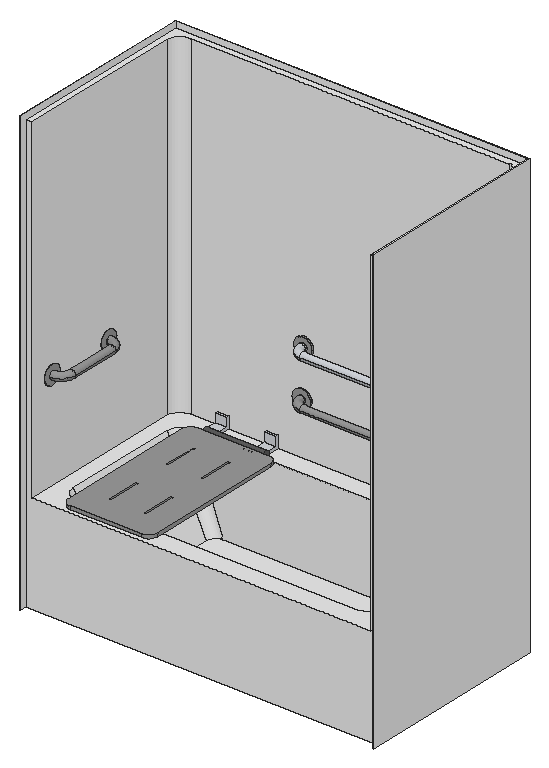
Revit family "RH_STS6032A17_BESTBATH_BATHTUB", category Plumbing Fixtures, Revit 2019
Family settings
  Round Connector Dimension = Use Diameter
  Part Type = Normal
  OmniClass Number = 23.45.05.14.17
  OmniClass Title = Showers
  Work Plane-Based = No
  Always vertical = Yes
  Cut with Voids When Loaded = No
  Shared = No
  Room Calculation Point = No
Parameters (values of type "STS6032A17")
  V_GRAB_BAR_RIGHT_VERT [instance] = yes
  V_GRAB_BAR_LEFT_HOR [instance] = yes
  V_GRAB_BAR_FRONT_HOR_L [instance] = yes
  V_GRAB_BAR_FRONT_HOR [instance] = yes
  V_BATHTUB_SEAT [instance] = yes
  Unit Width = 60"
  Unit Height = 75"
  URL = "http://www.bestbath.com"
  Type Comments = "ADA Compliant"
  Threshold Height = 17"
  Model = "STS6032A17"
  Material [instance] = Best Bath Gelcoat Fiberglass - Smooth
  Manufacturer = "best bath"
  Keynote = ""
  Description = ""
  Assembly Code = "D2010700"
Reference planes (in)
  plane 1 "Back": y = -1
  plane 2: z = 0
  plane 3 "Left": x = 0
  plane 4: x = 60
  plane 5: y = -33
  plane 6: z = 74
  plane 7: z = 75
  plane 8: x = 52
  plane 9: z = 17
  plane 10: y = -17
  plane 11: y = -2.5
  plane 12: x = 10
  plane 13: x = 53.5
  plane 14: y = -5.5
  plane 15: y = -28
  plane 16: y = -5.5
  plane 17: y = -30
  plane 18: x = 3.5
  plane 19: x = 56
  plane 20: z = 26
  plane 21: z = 34
  plane 22: z = 39
  plane 23: y = -34
Forms (in)
  Extrusion 1, solid, material "Best Bath Gelcoat Fiberglass - Smooth"
    sketch origin (0, 0, 0) x (1, 0, 0) y (0, 1, 0)
      loop
        line (58.75, -33) -> (60, -33) -> (60, -1) -> (0, -1) -> (0, -33) -> (1.25, -33) -> (1.25, -4.5)
        arc (1.25, -4.5) -> (1.90901, -2.90901) -> (3.5, -2.25) r 2.25
        line (3.5, -2.25) -> (57.5, -2.25)
        arc (57.5, -2.25) -> (58.38388, -2.61612) -> (58.75, -3.5) r 1.25
        line (58.75, -3.5) -> (58.75, -33)
    from 0 to 74
  Extrusion 2, solid, material "Best Bath Gelcoat Fiberglass - Smooth"
    sketch origin (0, 0, 0) x (1, 0, 0) y (0, 1, 0)
      loop
        line (0, -33) -> (60, -33) -> (60, -1) -> (0, -1) -> (0, -33)
      loop
        circle (52, -17) r 1.5
    from 0 to 17
  Blend 3, void
    base sketch origin (0, 0, 0) x (1, 0, 0) y (0, 1, 0)
      loop
        arc (11.65, -5.5) -> (10.48327, -5.98327) -> (10, -7.15) r 1.65
        line (10, -7.15) -> (10, -25.75)
        arc (10, -25.75) -> (10.65901, -27.34099) -> (12.25, -28) r 2.25
        line (12.25, -28) -> (51.25, -28)
        arc (51.25, -28) -> (52.84099, -27.34099) -> (53.5, -25.75) r 2.25
        line (53.5, -25.75) -> (53.5, -7.15)
        arc (53.5, -7.15) -> (53.01673, -5.98327) -> (51.85, -5.5) r 1.65
        line (51.85, -5.5) -> (11.65, -5.5)
    top sketch origin (0, 0, 0) x (1, 0, 0) y (0, 1, 0)
      loop
        arc (5.75, -5.5) -> (4.15901, -6.15901) -> (3.5, -7.75) r 2.25
        line (3.5, -7.75) -> (3.5, -27.75)
        arc (3.5, -27.75) -> (4.15901, -29.34099) -> (5.75, -30) r 2.25
        line (5.75, -30) -> (53.75, -30)
        arc (53.75, -30) -> (55.34099, -29.34099) -> (56, -27.75) r 2.25
        line (56, -27.75) -> (56, -7.75)
        arc (56, -7.75) -> (55.34099, -6.15901) -> (53.75, -5.5) r 2.25
        line (53.75, -5.5) -> (5.75, -5.5)
    from 2.23617 to 18
  Extrusion 4, solid, material "Best Bath Gelcoat Fiberglass - Smooth"
    sketch origin (0, 0, 0) x (1, 0, 0) y (0, 1, 0)
      loop
        line (0, -34) -> (0.125, -34) -> (0.125, -1.125) -> (59.875, -1.125) -> (59.875, -34) -> (60, -34) -> (60, -1) -> (0, -1) -> (0, -34)
    from 0 to 75
Cuts and joins
  Blend 3 cuts Extrusion 2
  joined: Extrusion 1, Extrusion 2, Extrusion 4
Dimensions and locks (in)
  "Unit Width": plane 3 "Left" to plane 4
  locked: plane 7 to plane 6 at 1
  "Unit Height": plane 7 to level
  plane 3 "Left" to plane 8 to plane 4 = 52", 8"
  locked: plane 13 to plane 4 at 6.5
  locked: plane 15 to plane 5 at 5
  locked: plane 3 "Left" to plane 12 at 10
  Extrusion 1 to plane 14 = 4 1/2"
  locked: plane 16 to plane 1 "Back" at 4.5
  locked: plane 17 to plane 5 at 3
  locked: plane 19 to plane 4 at 4
  locked: plane 3 "Left" to plane 18 at 3.5
  "Threshold Height": plane 9 to level
  plane 20 to plane 9 = 9"
  plane 21 to plane 9 = 17"
  plane 22 to plane 9 = 22"
  locked: plane 5 to plane 23 at 1
  locked: plane 23 to plane 1 "Back" at 33
  locked: plane 11 to plane 1 "Back" at 1.5
  plane 1 "Back" to plane 10 to plane 5 = 16", 16"
  cut or joined group of Extrusion 1, Extrusion 2, Blend 3, Extrusion 4 to cut or joined group of Extrusion 1, Extrusion 2, Blend 3, Extrusion 4 = 30 3/4"
  cut or joined group of Extrusion 1, Extrusion 2, Blend 3, Extrusion 4 to nested 5 = 4 1/2"
  cut or joined group of Extrusion 1, Extrusion 2, Blend 3, Extrusion 4 to nested 5 = 17 1/2"
  cut or joined group of Extrusion 1, Extrusion 2, Blend 3, Extrusion 4 to nested 3 = 9"
  cut or joined group of Extrusion 1, Extrusion 2, Blend 3, Extrusion 4 to nested 1 = 17"  (x3)
  nested 4 to cut or joined group of Extrusion 1, Extrusion 2, Blend 3, Extrusion 4 = 22"  (x2)
  nested 3 to cut or joined group of Extrusion 1, Extrusion 2, Blend 3, Extrusion 4 = 9"
  radius of Blend 3 sketch curve = 1.65"  (x2)
  radius of Blend 3 sketch curve = 2 1/4"  (x2)
  aligned and locked: level to plane 2
  aligned and locked: plane 6 to Extrusion 1
  aligned and locked: Extrusion 2 sketch curve to Extrusion 1  (x3)
  aligned and locked: Extrusion 2 sketch curve to plane 1 "Back"
  aligned and locked: plane 10 to Extrusion 2 sketch curve
  aligned and locked: plane 15 to Blend 3 sketch curve
  aligned and locked: Blend 3 sketch curve to plane 14
  aligned and locked: Blend 3 sketch curve to plane 13
  aligned and locked: plane 12 to Blend 3 sketch curve
  aligned and locked: plane 18 to Blend 3 sketch curve
  aligned and locked: Blend 3 sketch curve to plane 19
  aligned and locked: plane 17 to Blend 3 sketch curve
  aligned and locked: Blend 3 sketch curve to plane 16
  aligned and locked: plane 9 to cut or joined group of Extrusion 1, Extrusion 2, Blend 3, Extrusion 4
  aligned and locked: nested 1 to plane 21
  aligned and locked: plane 20 to nested 3
  aligned and locked: plane 22 to nested 4
  aligned and locked: plane 7 to Extrusion 4
Automatic sketch dimensions
  plane 18 to Blend 3 sketch curve = 2 1/4"  (x2)
  plane 17 to Blend 3 sketch curve = 2 1/4"
  Blend 3 sketch curve to plane 19 = 2 1/4"
  Extrusion 4 sketch curve to plane 3 "Left" = 0"
  Extrusion 4 sketch curve to plane 23 = 0"  (x2)
  Extrusion 4 sketch curve to plane 4 = 0"
  plane 3 "Left" to Extrusion 4 sketch curve = 1/8"
  Extrusion 4 sketch curve to Extrusion 4 sketch curve = 1/8"
  plane 1 "Back" to Extrusion 4 sketch curve = 1/8"
  plane 1 "Back" to Extrusion 4 sketch curve = 0"
  Extrusion 2 sketch curve to plane 8 = 0"
  Extrusion 1 sketch curve to plane 3 "Left" = 0"
  Extrusion 1 sketch curve to plane 5 = 0"  (x2)
  plane 11 to Extrusion 1 sketch curve = 1/4"
  Extrusion 1 sketch curve to plane 4 = 0"
  plane 1 "Back" to Extrusion 1 sketch curve = 0"
  plane 3 "Left" to Extrusion 1 sketch curve = 1 1/4"
  Extrusion 1 sketch curve to Extrusion 1 sketch curve = 2 1/4"
  plane 4 to Extrusion 1 sketch curve = 2 1/2"
  Extrusion 1 sketch curve to Extrusion 1 sketch curve = 1 1/4"
  radius of Extrusion 2 sketch curve = 1 1/2"
Nested families (in)
  nested 1: "Grab Bar - L shape" at (58.75, -2.25, -2.97512) x (-1, 0, 0) z (0, 0, 1), visible <- "V_GRAB_BAR_FRONT_HOR_L", type "27" x 36" x 1.25""
    with Double Anchor Bar Length 36"
  nested 2: "Grab Bar - horiz" at (1.25, -29, -0.625) x (0, 1, 0) z (0, 0, 1), visible <- "V_GRAB_BAR_LEFT_HOR", type "12" x 1.25""
  nested 3: "Grab Bar - horiz" at (22.5, -2.25, -8.625), visible <- "V_GRAB_BAR_FRONT_HOR", type "24" x 1.25""
    with Grab Bar Size 24"
  nested 4: "Grab Bar - vertical" at (58.75, -29, -0.625) x (0, -1, 0) z (0, 0, 1), visible <- "V_GRAB_BAR_RIGHT_VERT", type "18" x 1.25""
  nested 5: "ADA Shower Seat" at (23, -18.80262, -1.125) x (0, -1, 0) z (0, 0, 1), visible <- "V_BATHTUB_SEAT", type "SE3015PHSO"
Connectors (in)
  piping at (52, -17, 0), diameter 3
    settings: on cut or joined group of Extrusion 1, Extrusion 2, Blend 3, Extrusion 4, index 2, connector inside diameter 24", connector length 0", flow factor 0, pipe flow 0 GPM, pressure drop 0.00 psi, fitting loss kfactor 0, connector angle 0.00°, fixture units 0, engagement length 0", angle of deflection 0.00°, flow configuration 0, flow direction 0, fitting loss method 0, system type 16, joint type 0, gender type 0, connector reference index -1, connector utility 0, adjustable connector no, is connector primary yes, connector description ""
Definition of nested family "Grab Bar - L shape"
  Parameters
    Single Anchor Bar Length = 27"
    Mounting Height = 39"
    URL = "http://seachrome.com/"
    Threshold Height = 2.02488"
    Model = "GB2748QSS"
    Manufacturer = "Seachrome Corp."
    Keynote = "10 28 00.C1"
    Double Anchor Bar Length = 48"
    Description = "27\" x 48\" x 1.25\" L Grab Bar"
    Assembly Code = "C1030200"
  Reference planes (in)
    plane 1 "Center (Front/Back)": y = 0
    plane 2: z = 0
    plane 3 "Center (Left/Right)": x = 0
    plane 4: z = 36.97512
    plane 5: z = -2.02488
    plane 6: y = -2.125
    plane 7: x = 2.125
    plane 8: x = 6
    plane 9: x = 48
    plane 10: y = -27
  Forms (in)
    Extrusion 1, solid
      sketch origin (0, 0, 0) x (1, 0, 0) y (0, 0, 1)
        loop
          circle (6, 36.97512) r 1.5625
        loop
          circle (48, 36.97512) r 1.5625
      from 0 to 0.25
    Extrusion 2, solid
      sketch origin (0, 0, 0) x (0, 1, 0) y (0, 0, 1)
        loop
          circle (-27, 36.97512) r 1.5
      from 0 to 0.25
    Sweep 3, solid
      path origin (0, 0, 0) x (1, 0, 0) y (0, 1, 0)
        loop
          line (0.25, -27) -> (0.625, -27)
          arc (0.625, -27) -> (1.68566, -26.56066) -> (2.125, -25.5) r 1.5
          line (2.125, -25.5) -> (2.125, -3.625)
          arc (2.125, -3.625) -> (2.56434, -2.56434) -> (3.625, -2.125) r 1.5
          line (3.625, -2.125) -> (46.5, -2.125)
          arc (46.5, -2.125) -> (47.56066, -1.68566) -> (48, -0.625) r 1.5
          line (48, -0.625) -> (48, -0.25)
      profile origin (0.4375, -27, 0) x (0, 1, 0) y (0, 0, 1)
        loop
          circle (0, 36.98831) r 0.625
    Sweep 4, solid
      path origin (0, 0, 0) x (1, 0, 0) y (0, 1, 0)
        loop
          line (6, -0.25) -> (6, -2.125)
      profile origin (6, -1.1875, 0) x (1, 0, 0) y (0, 0, 1)
        loop
          circle (0, 36.98831) r 0.62
  Dimensions and locks (in)
    "Threshold Height": level to plane 5
    "Mounting Height": plane 4 to plane 5
    locked: plane 3 "Center (Left/Right)" to plane 7 at 2.125
    locked: plane 3 "Center (Left/Right)" to plane 8 at 6
    locked: plane 6 to plane 1 "Center (Front/Back)" at 2.125
    "Double Anchor Bar Length": plane 3 "Center (Left/Right)" to plane 9
    "Single Anchor Bar Length": plane 10 to plane 1 "Center (Front/Back)"
    plane 4 to plane 5 = 39"
    level to plane 5 = 2.02488"
    aligned and locked: level to plane 2
    aligned and locked: plane 8 to Extrusion 1 sketch curve
    aligned and locked: plane 4 to Extrusion 1 sketch curve
    aligned and locked: plane 9 to Extrusion 1 sketch curve
    aligned and locked: plane 10 to Extrusion 2 sketch curve
    aligned and locked: plane 4 to Extrusion 2 sketch curve
  Automatic sketch dimensions
    Extrusion 1 sketch curve to plane 4 = 0"
    Sweep 3 sketch curve to plane 10 = 0"
    Sweep 3 sketch curve to plane 7 = 0"
    Sweep 3 sketch curve to plane 6 = 0"
    Sweep 3 sketch curve to plane 9 = 0"
    plane 3 "Center (Left/Right)" to Sweep 3 sketch curve = 5/8"
    Sweep 3 sketch curve to plane 6 = 1 1/2"
    plane 1 "Center (Front/Back)" to Sweep 3 sketch curve = 5/8"
    plane 3 "Center (Left/Right)" to Sweep 3 sketch curve = 1/4"
    plane 1 "Center (Front/Back)" to Sweep 3 sketch curve = 1/4"
    Sweep 3 sketch curve to profile plane = 0"
    level to Sweep 3 sketch curve = 36.98831"
    Sweep 4 sketch curve to plane 6 = 0"
    Sweep 4 sketch curve to plane 8 = 0"
    plane 1 "Center (Front/Back)" to Sweep 4 sketch curve = 1/4"
    profile plane to Sweep 4 sketch curve = 0"
    level to Sweep 4 sketch curve = 36.98831"
    radius of Extrusion 1 sketch curve = 1 9/16"  (x2)
    radius of Extrusion 2 sketch curve = 1 1/2"
    radius of Sweep 3 sketch curve = 5/8"
    radius of Sweep 4 sketch curve = 0.62"
Definition of nested family "Grab Bar - horiz"
  Parameters
    Grab Bar Size = 12"
    URL = "http://seachrome.com/"
    Threshold Height = 5/8"
    Mounting Height = 34"
    Model = "GB12QSS"
    Manufacturer = "Seachrome Corp."
    Keynote = "10 28 00.C1"
    Description = "18\" x 1.25\" grab bar"
    Assembly Code = "C1030200"
  Reference planes (in)
    plane 1 "Center (Front/Back)": y = 0
    plane 2: z = 0
    plane 3 "Center (Left/Right)": x = 0
    plane 4: z = 34.625
    plane 5: z = 0.625
    plane 6: x = 12
  Forms (in)
    Extrusion 1, solid
      sketch origin (0, 0, 0) x (1, 0, 0) y (0, 0, 1)
        loop
          circle (0, 34.625) r 1.5625
        loop
          circle (12, 34.625) r 1.5625
      from 0 to 0.25
    Sweep 2, solid
      path origin (0, 0, 0) x (1, 0, 0) y (0, 1, 0)
        loop
          line (0, -0.25) -> (0, -0.375)
          arc (0, -0.375) -> (0.51256, -1.61244) -> (1.75, -2.125) r 1.75
          line (1.75, -2.125) -> (10.25, -2.125)
          arc (10.25, -2.125) -> (11.48744, -1.61244) -> (12, -0.375) r 1.75
          line (12, -0.375) -> (12, -0.25)
      profile origin (6, -2.125, 0) x (0, 1, 0) y (0, 0, 1)
        loop
          circle (0, 34.625) r 0.625
  Dimensions and locks (in)
    "Threshold Height": plane 5 to level
    "Mounting Height": plane 4 to plane 5
    "Grab Bar Size": plane 6 to plane 3 "Center (Left/Right)"
    Sweep 2 sketch curve to plane 1 "Center (Front/Back)" = 2 1/8"
    aligned and locked: level to plane 2
  Automatic sketch dimensions
    Extrusion 1 sketch curve to plane 3 "Center (Left/Right)" = 0"
    Extrusion 1 sketch curve to plane 4 = 0"  (x2)
    Extrusion 1 sketch curve to plane 6 = 0"
    Sweep 2 sketch curve to plane 3 "Center (Left/Right)" = 0"
    plane 1 "Center (Front/Back)" to Sweep 2 sketch curve = 3/8"
    Sweep 2 sketch curve to plane 6 = 0"
    Sweep 2 sketch curve to plane 6 = 1 3/4"
    Sweep 2 sketch curve to Sweep 2 sketch curve = 1/8"  (x2)
    Sweep 2 sketch curve to profile plane = 0"
    level to Sweep 2 sketch curve = 34 5/8"
    radius of Extrusion 1 sketch curve = 1 9/16"  (x2)
    radius of Sweep 2 sketch curve = 5/8"
Definition of nested family "Grab Bar - vertical"
  Parameters
    Wall Clearance = 2 1/8"
    Mounting Height = 39"
    Grab Bar Size = 18"
    URL = "http://seachrome.com/"
    Threshold Height = 5/8"
    Model = "GB18QSS"
    Manufacturer = "Seachrome Corp."
    Keynote = "10 28 00.C1"
    Description = "18\" x 1.25\" grab bar"
    Assembly Code = "C1030200"
  Reference planes (in)
    plane 1 "Center (Front/Back)": y = 0
    plane 2: z = 0
    plane 3 "Center (Left/Right)": x = 0
    plane 4: z = 39.625
    plane 5: z = 57.625
    plane 6: z = 0.625
  Forms (in)
    Sweep 1, solid
      path origin (0, 0, 0) x (0, 1, 0) y (0, 0, 1)
        loop
          line (-0.25, 39.625) -> (-0.375, 39.625)
          arc (-0.375, 39.625) -> (-1.61244, 40.13756) -> (-2.125, 41.375) r 1.75
          line (-2.125, 41.375) -> (-2.125, 55.875)
          arc (-2.125, 55.875) -> (-1.61244, 57.11244) -> (-0.375, 57.625) r 1.75
          line (-0.375, 57.625) -> (-0.25, 57.625)
      profile origin (0, -0.3125, 39.625) x (0, 0, -1) y (1, 0, 0)
        loop
          circle (0, 0) r 0.625
    Extrusion 2, solid
      sketch origin (0, 0, 0) x (1, 0, 0) y (0, 0, 1)
        loop
          circle (0, 39.625) r 1.5625
        loop
          circle (0, 57.625) r 1.5625
      from 0 to 0.25
  Dimensions and locks (in)
    "Grab Bar Size": plane 5 to plane 4
    Extrusion 2 to Sweep 1 sketch curve = 1 7/8"
    "Threshold Height": plane 6 to level
    "Mounting Height": plane 4 to plane 6
    aligned and locked: level to plane 2
    aligned and locked: plane 5 to Sweep 1 sketch curve
    aligned and locked: Sweep 1 sketch curve to plane 4
  Automatic sketch dimensions
    Sweep 1 sketch curve to plane 3 "Center (Left/Right)" = 0"
    Sweep 1 sketch curve to profile plane = 0"
    Extrusion 2 sketch curve to plane 3 "Center (Left/Right)" = 0"  (x2)
    Extrusion 2 sketch curve to plane 4 = 0"
    Extrusion 2 sketch curve to plane 5 = 0"
    Sweep 1 sketch curve to plane 5 = 1 3/4"
    plane 1 "Center (Front/Back)" to Sweep 1 sketch curve = 1/4"
    Sweep 1 sketch curve to Sweep 1 sketch curve = 1/8"
    Sweep 1 sketch curve to plane 5 = 0"
    plane 4 to Sweep 1 sketch curve = 1 3/4"
    radius of Sweep 1 sketch curve = 5/8"
    radius of Extrusion 2 sketch curve = 1 9/16"  (x2)
Definition of nested family "ADA Shower Seat"
  Parameters
    URL = "http://seachrome.com/"
    Seat Width = 27"
    Seat Height = 18"
    Seat Depth = 15"
    Model = "SE3015PHSO"
    Manufacturer = "Seachrome"
    Keynote = "22 40 00.B7"
    Description = "32\" x 16\" fold down seat with swing-down legs, phenolic"
    Assembly Code = "C1030200"
  Reference planes (in)
    plane 1 "Center (Front/Back)": y = 0
    plane 2: z = 0
    plane 3 "Center (Left/Right)": x = 0
    plane 4: x = 13.5
    plane 5: x = -13.5
    plane 6: y = -2.25
    plane 7: y = -17.25
    plane 8: z = 18.125
    plane 9: z = 18.625
    plane 10: y = -9.75
    plane 11: x = 12.5
    plane 12: x = -12.5
    plane 13: z = 3.125
    plane 14: x = -8.75
    plane 15: x = 8.75
    plane 16: z = 14.875
    plane 17: y = -14.875
    plane 18: y = -4.625
    plane 19: z = 0.625
    plane 20: x = -3.25
    plane 21: x = 3.25
  Forms (in)
    Extrusion 1, solid
      sketch origin (0, 0, 0) x (1, 0, 0) y (0, 1, 0)
        loop
          line (12, -2.25) -> (-12, -2.25)
          arc (-12, -2.25) -> (-13.06066, -2.68934) -> (-13.5, -3.75) r 1.5
          line (-13.5, -3.75) -> (-13.5, -15.75)
          arc (-13.5, -15.75) -> (-13.06066, -16.81066) -> (-12, -17.25) r 1.5
          line (-12, -17.25) -> (12, -17.25)
          arc (12, -17.25) -> (13.06066, -16.81066) -> (13.5, -15.75) r 1.5
          line (13.5, -15.75) -> (13.5, -3.75)
          arc (13.5, -3.75) -> (13.06066, -2.68934) -> (12, -2.25) r 1.5
        loop
          line (3.25, -12.5968) -> (3.25, -12.92762) -> (8.75, -12.92762) -> (8.75, -12.5968) -> (3.25, -12.5968)
        loop
          line (-3.25, -12.5968) -> (-8.75, -12.5968) -> (-8.75, -12.92762) -> (-3.25, -12.92762) -> (-3.25, -12.5968)
        loop
          line (3.25, -6.93984) -> (8.75, -6.93984) -> (8.75, -6.60902) -> (3.25, -6.60902) -> (3.25, -6.93984)
        loop
          line (-3.25, -6.93984) -> (-3.25, -6.60902) -> (-8.75, -6.60902) -> (-8.75, -6.93984) -> (-3.25, -6.93984)
      from 18.125 to 18.625
    Extrusion 2, solid
      sketch origin (0, 0, 0) x (1, 0, 0) y (0, 0, 1)
        loop
          circle (-14.05099, 18.375) r 0.5
      from 4.625 to 14.875
    Extrusion 3, solid
      sketch origin (0, 0, 0) x (1, 0, 0) y (0, 0, 1)
        loop
          line (-14.55262, 18.125) -> (-14.55262, 18.625) -> (-16.05262, 18.625) -> (-16.05262, 20.125) -> (-16.55262, 20.125) -> (-16.55262, 18.125) -> (-14.55262, 18.125)
      from 4.625 to 14.875
    Extrusion 4, void
      sketch origin (0, 0, 0) x (1, 0, 0) y (0, 0, 1)
        loop
          line (-18.81546, 20.96567) -> (-18.81546, 16.96567) -> (-14.55262, 16.96567) -> (-14.55262, 20.96567) -> (-18.81546, 20.96567)
      from 6.48402 to 12.92762
  Cuts and joins
    Extrusion 4 cuts Extrusion 3
  Dimensions and locks (in)
    equal spacing: plane 5, plane 3 "Center (Left/Right)", plane 4
    "Seat Width": plane 5 to plane 4
    "Seat Depth": plane 7 to plane 6
    plane 6 to plane 1 "Center (Front/Back)" = 2 1/4"
    locked: plane 9 to plane 8 at 0.5
    equal spacing: plane 7, plane 10, plane 6
    equal spacing: plane 11, plane 3 "Center (Left/Right)", plane 12
    equal spacing: plane 14, plane 3 "Center (Left/Right)", plane 15
    locked: plane 19 to level at 0.625
    "Seat Height": plane 9 to plane 19
    plane 18 to plane 17 = 10 1/4"
    equal spacing: plane 18, plane 10, plane 17
    plane 14 to plane 20 = 5 1/2"
    plane 21 to plane 15 = 5 1/2"
    aligned and locked: plane 2 to level
    aligned and locked: Extrusion 1 sketch curve to plane 6
    aligned and locked: plane 4 to Extrusion 1 sketch curve
    aligned and locked: plane 9 to Extrusion 1
    aligned and locked: Extrusion 1 to plane 8
    aligned and locked: Extrusion 2 to plane 17
    aligned and locked: plane 18 to Extrusion 2
    aligned and locked: Extrusion 1 sketch curve to plane 14
    aligned and locked: plane 14 to Extrusion 1 sketch curve
    aligned and locked: Extrusion 1 sketch curve to plane 15
    aligned and locked: Extrusion 1 sketch curve to plane 20
    aligned and locked: plane 20 to Extrusion 1 sketch curve
    aligned and locked: Extrusion 1 sketch curve to plane 21
    aligned and locked: plane 21 to Extrusion 1 sketch curve
    aligned and locked: Extrusion 3 to Extrusion 2
    aligned and locked: Extrusion 2 to Extrusion 3
  Automatic sketch dimensions
    plane 8 to Extrusion 2 sketch curve = 1/4"
    Extrusion 2 sketch curve to plane 5 = 0.55099"
    Extrusion 3 sketch curve to plane 8 = 0"
    Extrusion 3 sketch curve to plane 9 = 0"
    Extrusion 3 sketch curve to plane 5 = 2.55262"
    Extrusion 3 sketch curve to plane 5 = 1.05262"
    Extrusion 3 sketch curve to Extrusion 3 sketch curve = 1 1/2"
    Extrusion 3 sketch curve to Extrusion 3 sketch curve = 1/2"
    Extrusion 4 sketch curve to plane 8 = 1.15933"
    Extrusion 4 sketch curve to plane 5 = 5.31546"
    Extrusion 4 sketch curve to plane 5 = 1.05262"
    plane 9 to Extrusion 4 sketch curve = 2.34067"
    Extrusion 1 sketch curve to plane 5 = 0"
    plane 7 to Extrusion 1 sketch curve = 0"
    Extrusion 1 sketch curve to plane 15 = 0"
    plane 12 to Extrusion 1 sketch curve = 1/2"  (x2)
    Extrusion 1 sketch curve to plane 11 = 1/2"  (x2)
    Extrusion 1 sketch curve to Extrusion 1 sketch curve = 0.33082"  (x4)
    Extrusion 1 sketch curve to plane 18 = 2.31484"  (x2)
    plane 17 to Extrusion 1 sketch curve = 1.94738"  (x2)
    radius of Extrusion 2 sketch curve = 1/2"
